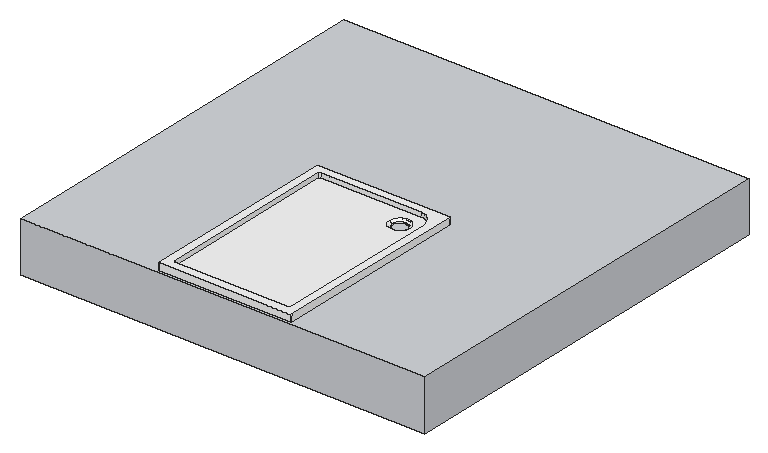
Revit family "IS_ConnectAir_E1057_BIM_DE", category Plumbing Fixtures, host Face, Revit 2014
Parameters (values of type "E105701 - Connect Air rectangular shower tray")
  WarrantyStartDate [instance] = "1900-12-31T23:59:59"
  WarrantyGuarantorParts = "idealstandard.de@idealstandard.com"
  WarrantyGuarantorLabor = "n/a"
  WarrantyDurationUnit = "year"
  WarrantyDurationParts = "n/a"
  WarrantyDurationLabor = "n/a"
  WarrantyDescription = "Manufacturers Warranty"
  VolumeUnits = "Litres"
  Version = "1"
  Uniclass2015Version = "Products v1.1"
  Uniclass2015Title = "Shower trays"
  Uniclass2015Code = "Pr_40_20_06_84"
  URL = "www.idealstandard.com"
  Type Comments = "n/a"
  TagNumber [instance] = "n/a"
  TMV3 = no
  SustainabilityPerformance = "n/a"
  SpareParts = "www.idealstandard.de/ersatzteile"
  Space = "Internal"
  Size = "1200x800x45mm"
  ShowerType = "n/a"
  ShowerHeadDescription = "n/a"
  Shape = "Rectangular"
  SerialNumber [instance] = "n/a"
  Revision = "n/a"
  ReplacementCost = "n/a"
  ProductInformation = "www.idealstandard.de/produkte"
  Phone = "+49228 5210"
  NominalWidth = 800 mm
  NominalLength = 1200 mm
  NominalHeight = 40 mm
  NettWeight = "22 kg"
  Name = "ShowerTrays_ConnectAir_E105701_IdealStandard"
  NBSTypeID = "n/a"
  NBSReference = "45-35-70/336"
  NBSOfficeMasterTag = "n/a"
  NBSNote = "n/a"
  NBSDescription = "Shower trays"
  NBSCertification = "n/a"
  ModelReference = Description  # "Connect Air rectangular shower tray"
  ModelNumber = Model  # "E105701"
  MaterialThickness = 0 mm
  Material = "Acrylic"
  ManufacturerURL = "www.idealstandard.com"
  LinearUnits = "millimeters"
  Keynote = "n/a"
  InstallationInstructions = "www.idealstandard.de/produkte"
  InstallationDate [instance] = "1900-12-31T23:59:59"
  IfcExportType = "SHOWER"
  IfcExportAs = "IfcSanitaryTerminalType"
  Help = "idealstandard.de@idealstandard.com"
  HasTray = yes
  HWFU = 0
  GrossWeight = "n/a"
  Grade = "n/a"
  Finish = "white"
  Features = "Connect Air rectangular shower tray"
  ExpectedLife = "25"
  DurationUnit = "year"
  DrainSize = 90 mm
  CurrencyUnit = "n/a"
  CreatedOn = "2016-11-09"
  Cost = 0
  Constituents = "n/a"
  ConnectionType = "Plumbing"
  Color = "White"
  CodePerformance = "DIN EN 14527, DIN EN 251, DIN EN 249"
  Category = "SanitaryTerminal_SHOWER"
  Reference = "n/a"
  Model = "E105701"
  Manufacturer = "idealstandard.de@idealstandard.com"
  Description = "Connect Air rectangular shower tray"
  Default Elevation = 0 mm
  CWFU = 0
  Brand = "Ideal Standard"
  BarCode = "5017830518693"
  BIMObjectName = "ISI_IdealStandard_ShowerTrays_ConnectAir_E105701"
  Author = "Ideal Standard GmbH"
  AssetType = "Fixed"
  AssetIdentifier [instance] = "n/a"
  Assembly Code = "C1030200"
  AreaUnits = "millimeters"
  AreaMeasurement = "n/a"
  Accessories = "www.idealstandard.de\\ersatzteile"
  AccessibilityPerformance = "n/a"
Reference planes
  plane 1 "Center (Front/Back)": y = 0
  plane 2: z = 0
  plane 3 "Center (Left/Right)": x = 0
  plane 4: x = 400
  plane 5: x = -400
  plane 6: y = -1200
  plane 7: y = -50
  plane 8: x = 350
  plane 9: x = -350
  plane 10: y = -1150
  plane 11: x = 230
  plane 12: y = -170
  plane 13: z = 40
  plane 14: z = 15
Forms (mm)
  Extrusion 1, solid
    sketch origin (0, 0, 0) x (1, 0, 0) y (0, 1, 0)
      loop
        line (-1219.2, 1219.2) -> (-1219.2, -1219.2) -> (1219.2, -1219.2) -> (1219.2, 1219.2) -> (-1219.2, 1219.2)
    from 0 to -304.8
  Extrusion 2, solid, material "IS_RenderMaterial_VitreousChina"
    sketch origin (0, 0, 0) x (1, 0, 0) y (0, 1, 0)
      loop
        arc (-394, 0) -> (-398.243, -1.757) -> (-400, -6) r 6
        line (-400, -6) -> (-400, -1194)
        arc (-400, -1194) -> (-398.243, -1198.243) -> (-394, -1200) r 6
        line (-394, -1200) -> (394, -1200)
        arc (394, -1200) -> (398.243, -1198.243) -> (400, -1194) r 6
        line (400, -1194) -> (400, -6)
        arc (400, -6) -> (398.243, -1.757) -> (394, 0) r 6
        line (394, 0) -> (-394, 0)
    from 0 to 40
  Extrusion 3, void
    sketch origin (0, -1200, 15) x (0, 1, 0) y (-1, 0, 0)
      loop
        arc (1150, 340) -> (1147.071, 347.071) -> (1140, 350) r 10
        line (1140, 350) -> (60, 350)
        arc (60, 350) -> (52.929, 347.071) -> (50, 340) r 10
        line (50, 340) -> (50, -340)
        arc (50, -340) -> (52.929, -347.071) -> (60, -350) r 10
        line (60, -350) -> (1060, -350)
        arc (1060, -350) -> (1123.64, -323.64) -> (1150, -260) r 90
        line (1150, -260) -> (1150, 340)
    from 0 to 25
  Revolve 4, void
    sketch origin (317.85, -170, 1219.2) x (1, 0, 0) y (0, 0, 1)
      loop
        line (-87.85, -1204.2) -> (-149.832, -1204.2) -> (-132.85, -1215.177) -> (-132.85, -1219.2) -> (-87.85, -1219.2) -> (-87.85, -1204.2)
      loop
        line (-141.329, -1219.2) -> (-149.727, -1213.772) -> (-159.727, -1213.772) -> (-168.086, -1219.2) -> (-141.329, -1219.2)
      axis (-87.85, -1204.2) -> (-87.85, -1219.2)
    angle from 0 to 360
Cuts and joins
  Extrusion 3, Revolve 4 cuts Extrusion 2
Dimensions and locks
  "NominalWidth": plane 4 to plane 5
  "NominalHeight": plane 13 to Extrusion 1
  "NominalLength": plane 1 "Center (Front/Back)" to plane 6
  aligned and locked: plane 2 to Extrusion 1
  aligned and locked: level to Extrusion 1
  aligned and locked: plane 1 "Center (Front/Back)" to Extrusion 2 sketch curve
  aligned and locked: plane 5 to Extrusion 2 sketch curve
  aligned and locked: Extrusion 2 sketch curve to plane 6
  aligned and locked: Extrusion 2 sketch curve to plane 4
  aligned and locked: Extrusion 2 to plane 13
  aligned and locked: Extrusion 3 sketch curve to plane 7
  aligned and locked: plane 9 to Extrusion 3 sketch curve
  aligned and locked: Extrusion 3 sketch curve to plane 10
  aligned and locked: Extrusion 3 sketch curve to plane 8
  aligned and locked: Extrusion 2 to Extrusion 3
Automatic sketch dimensions
  Extrusion 1 sketch curve to Extrusion 1 sketch curve = 2438.4 mm  (x2)
  plane 6 to Extrusion 2 sketch curve = 0 mm
  plane 5 to Extrusion 2 sketch curve = 6 mm
  Extrusion 2 sketch curve to Extrusion 2 sketch curve = 6 mm
  Extrusion 2 sketch curve to plane 4 = 6 mm  (x2)
  Extrusion 3 sketch curve to Extrusion 3 sketch curve = 10 mm
  Extrusion 3 sketch curve to plane 10 = 10 mm
  Extrusion 3 sketch curve to plane 12 = 30 mm
  Extrusion 3 sketch curve to plane 7 = 10 mm
  Revolve 4 sketch curve to level = 0 mm  (x2)
  Revolve 4 sketch curve to plane 14 = 0 mm
  Revolve 4 sketch curve to plane 11 = 0 mm  (x2)
  level to Revolve 4 sketch curve = 4.023 mm
  Revolve 4 sketch curve to plane 11 = 45 mm
  Revolve 4 sketch curve to Revolve 4 sketch curve = 8.479 mm
  level to Revolve 4 sketch curve = 5.428 mm
  Revolve 4 sketch curve to Revolve 4 sketch curve = 8.398 mm
  Revolve 4 sketch curve to Revolve 4 sketch curve = 0.105 mm
  Revolve 4 sketch curve to Revolve 4 sketch curve = 10 mm
  Revolve 4 sketch curve to Revolve 4 sketch curve = 8.359 mm
  Revolve 4 sketch curve to level = 9.771 mm
  Revolve 4 sketch curve to Revolve 4 sketch curve = 6.624 mm
Connectors
  piping at (230, -170, 0), diameter 90
    settings: on cut or joined group of Extrusion 2, Extrusion 3, Revolve 4, index 1, connector inside diameter 24", connector length 0 mm, flow factor 0, pipe flow 0 GPM, pressure drop 0.00 psi, fitting loss kfactor 0, connector angle 0.00°, fixture units 0, engagement length 0 mm, angle of deflection 0.00°, flow configuration 2, flow direction 2, fitting loss method 0, system type 16, joint type 0, gender type 0, connector reference index -1, connector utility 0, adjustable connector no, is connector primary yes, connector description ""
